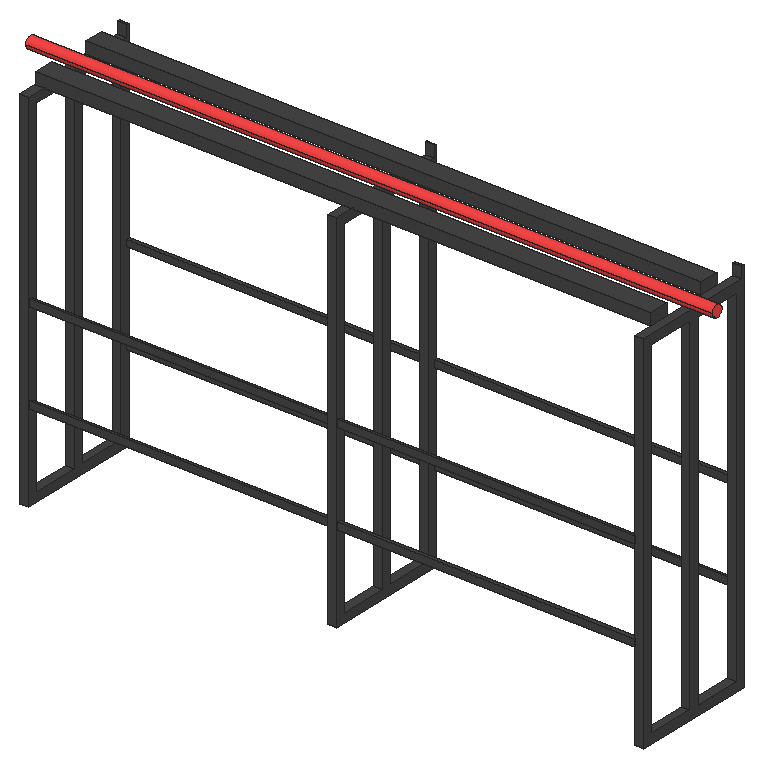
Revit family "Batería de cilindros con pesaje continuo de 67l en doble fila CO2_Aguilera Extincion", category Equipos especializados, Revit 2017
Family settings
  Anfitrión = Suelo
  Cota de conector redondo = Radio de uso
  Tipo de pieza = Normal
  Número OmniClass = 23.65.20.14.24
  Título OmniClass = Other Gas Storage Vessels
  Siempre vertical = Sí
  Corte con vacíos al cargar = No
  Compartido = Sí
  Punto de cálculo de habitación = No
Parameters (values of type "Batería 20 cilindros CO2 con pesaje continuo - 67 l")
  URL = "https://aguilera.es/?productos=baterias-con-botellas-en-doble-fila-y-pesaje-continuo-co2"
  Símbolo texto = yes
  Símbolo = yes
  Radio colector = Diámetro colector / 2  # 31.75 mm
  R = Diámetro / 2  # 133.5 mm
  Número soportes = 3
  Número de cilindros pares = 10
  Número de cilindros impares = 10
  Modelo = "AEX/SBP2067D"
  Lt = 3850 mm
  Lh = 3450 mm
  Lcc = Lh / (Número soportes - 1)  # 1725 mm
  Lc = 340 mm  # constant formula
  Ht = Hc + Diámetro colector  # 2120.5 mm
  Hd = 1770 mm
  H2 = Hc / 2  # 1028.5 mm
  H1 = Hc / 4  # 514.25 mm
  Fabricante = "Aguilera Extinción"  # constant formula
  Diámetro colector = 63.5 mm
  Descripción = "Batería de alta presión formada por cilindros de 67L de capacidad cada uno. Fabricados en acero tratado térmicamente, sin soldadura (según instrucción MIE AP7 de aparatos a presión y Directiva Europea 84/525/CEE). Presión de trabajo 42 bar. Presión de prueba 250 bar, temperatura de servicio de -20ºC a +50ºC. Grabados y pintados en color rojo (RAL 3002). Equipados con válvula principal con apertura neumática a través del cabezal, válvulas antirretorno, latiguillos para el accionamiento neumático de disparo y latiguillos de descarga. Ensamblados en bastidor metálico especial para pesaje continuo, colector de descarga con brida de acoplamiento a la instalación y válvula de descompresión.\r\n\r\nEl peso de cada cilindro se controla individualmente por un equipo analógico patentado Mod. AEX/CPC. Unidad programable que detecta la perdida de peso desde 200 gramos formada básicamente por: célula electrónica, microprocesador y display digital que refleja el peso permanentemente. Se suministra con tensor, que permite elevar la botella fácilmente, conectores con latiguillos montados para su conexión y resto de complementos."  # constant formula
  Diámetro = 267 mm
  Hc = 2057 mm  # constant formula
  Comentarios de tipo = "Observaciones:\r\n\r\nA. Hasta 9 cilindros, el disparo neumático de la batería se realiza convirtiéndo a uno de los cilindros en cilindro piloto, para lo cual, se dota a su válvula con solenoide de disparo automático y palanca para el disparo manual.\r\nB. A partir de 10 cilindros, las baterías van equipadas con un botellín piloto de disparo que está formado por: un cilindro de 5L cargado con CO2, provisto con sistema de pesaje continuo, válvula principal de 1”, solenoide a 24V para el disparo automático y palanca para el disparo manual.\r\nC. El importe de los sistemas de disparo, descritos en el punto A y B, han sido incluidos en los precios de las baterías"  # constant formula
  Cilindro = Cilindro autonomo CO2 con pesaje continuo_Aguilera Extincion : Cilindro autónomo CO2 con pesaje continuo - 67 l
Types (18, lengths in mm): name | Radio colector | Número soportes | Número de cilindros pares | Número de cilindros impares | Modelo | Lt | Lh | Lcc | Ht | Diámetro colector
  (no name) | 31.75 | 3 | 10 | 10 | "AEX/SBP2067D" | 3850 | 3450 | 1725 | 2120.5 | 63.5
  Batería 4 cilindros CO2 con pesaje continuo - 67 l | 15.9 | 2 | 2 | 2 | "AEX/SBP467D" | 1069 | 730 | 730 | 2088.8 | 31.8
  Batería 5 cilindros CO2 con pesaje continuo - 67 l | 15.9 | 2 | 2 | 3 | "AEX/SBP567D" | 1409 | 1070 | 1070 | 2088.8 | 31.8
  Batería 6 cilindros CO2 con pesaje continuo - 67 l | 15.9 | 2 | 3 | 3 | "AEX/SBP667D" | 1409 | 1070 | 1070 | 2088.8 | 31.8
  Batería 7 cilindros CO2 con pesaje continuo - 67 l | 19.05 | 2 | 3 | 4 | "AEX/SBP767D" | 1749 | 1410 | 1410 | 2095.1 | 38.1
  Batería 8 cilindros CO2 con pesaje continuo - 67 l | 19.05 | 2 | 4 | 4 | "AEX/SBP867D" | 1749 | 1410 | 1410 | 2095.1 | 38.1
  Batería 9 cilindros CO2 con pesaje continuo - 67 l | 25.4 | 2 | 4 | 5 | "AEX/SBP967D" | 2089 | 1750 | 1750 | 2107.8 | 50.8
  Batería 10 cilindros CO2 con pesaje continuo - 67 l | 25.4 | 2 | 5 | 5 | "AEX/SBP1067D" | 2089 | 1750 | 1750 | 2107.8 | 50.8
  Batería 11 cilindros CO2 con pesaje continuo - 67 l | 25.4 | 2 | 5 | 6 | "AEX/SBP1167D" | 2429 | 2090 | 2090 | 2107.8 | 50.8
  Batería 12 cilindros CO2 con pesaje continuo - 67 l | 25.4 | 2 | 6 | 6 | "AEX/SBP1267D" | 2429 | 2090 | 2090 | 2107.8 | 50.8
  Batería 13 cilindros CO2 con pesaje continuo - 67 l | 25.4 | 3 | 6 | 7 | "AEX/SBP1367D" | 2830 | 2430 | 1215 | 2107.8 | 50.8
  Batería 14 cilindros CO2 con pesaje continuo - 67 l | 31.75 | 2 | 7 | 7 | "AEX/SBP1467D" | 2830 | 2430 | 2430 | 2120.5 | 63.5
  Batería 15 cilindros CO2 con pesaje continuo - 67 l | 31.75 | 3 | 7 | 8 | "AEX/SBP1567D" | 3170 | 2770 | 1385 | 2120.5 | 63.5
  Batería 16 cilindros CO2 con pesaje continuo - 67 l | 31.75 | 3 | 8 | 8 | "AEX/SBP1667D" | 3170 | 2770 | 1385 | 2120.5 | 63.5
  Batería 17 cilindros CO2 con pesaje continuo - 67 l | 31.75 | 4 | 8 | 9 | "AEX/SBP1767D" | 3510 | 3100 | 1033.333 | 2120.5 | 63.5
  Batería 18 cilindros CO2 con pesaje continuo - 67 l | 31.75 | 4 | 9 | 9 | "AEX/SBP1867D" | 3510 | 3100 | 1033.333 | 2120.5 | 63.5
  Batería 19 cilindros CO2 con pesaje continuo - 67 l | 31.75 | 3 | 9 | 10 | "AEX/SBP1967D" | 3850 | 3450 | 1725 | 2120.5 | 63.5
  Batería 20 cilindros CO2 con pesaje continuo - 67 l | 31.75 | 3 | 10 | 10 | "AEX/SBP2067D" | 3850 | 3450 | 1725 | 2120.5 | 63.5
Reference planes
  plane 1 "Centro (Frontal/Posterior)": y = 0
  plane 2: z = 0
  plane 3 "Centro (Izquierda/Derecha)": x = 0
  plane 4: y = 133.5
  plane 5: z = 514.25
  plane 6: z = 1028.5
  plane 7: z = 1565
  plane 8: z = 1703.58
  plane 9: z = 1770
  plane 10: z = 2057
  plane 11: x = -154
  plane 12: z = 2120.5
  plane 13: x = -600
  plane 14: x = 3250
  plane 15: y = 153.5
  plane 16: x = -380
  plane 17: y = 40.5
  plane 18: z = 2100.5
  plane 19: y = -198.5
  plane 20: y = -183
Forms (mm)
  Extrusion 1, solid, material "Acero rojo"
    sketch origin (0, 0, 0) x (0, 1, 0) y (0, 0, 1)
      loop
        circle (-183, 2088.75) r 31.75
    from -600 to 3250
  Extrusion 2, solid, material "Acero negro", detail levels medium+fine
    sketch origin (-380, -6000, 2490.948) x (0, 0, 1) y (0, -1, 0)
      loop
        line (-433.948, -5579.64) -> (-433.948, -5691.36) -> (-370.448, -5691.36) -> (-370.448, -5579.64) -> (-433.948, -5579.64)
      loop
        line (-433.948, -5931.64) -> (-433.948, -6043.36) -> (-370.448, -6043.36) -> (-370.448, -5931.64) -> (-433.948, -5931.64)
      loop
        line (-1482.333, -5469) -> (-1482.333, -5484) -> (-1442.563, -5484) -> (-1442.563, -5469) -> (-1482.333, -5469)
      loop
        line (-1996.583, -5469) -> (-1996.583, -5484) -> (-1956.813, -5484) -> (-1956.813, -5469) -> (-1996.583, -5469)
      loop
        line (-1482.333, -6166) -> (-1442.563, -6166) -> (-1442.563, -6151) -> (-1482.333, -6151) -> (-1482.333, -6166)
      loop
        line (-1996.583, -6166) -> (-1956.813, -6166) -> (-1956.813, -6151) -> (-1996.583, -6151) -> (-1996.583, -6166)
    from 0 to 3450 <- "Lh"
Dimensions and locks
  "H1": plane 5 to plane 2
  "H2": plane 6 to plane 2
  "Hd": plane 9 to plane 2
  "Hc": plane 10 to plane 2
  locked: plane 11 to plane 3 "Centro (Izquierda/Derecha)" at 154
  locked: plane 9 to plane 8 at 66.42
  locked: plane 9 to plane 7 at 205
  "R": plane 1 "Centro (Frontal/Posterior)" to plane 4
  "Lt": plane 14 to plane 13
  "Ht": plane 12 to plane 2
  locked: plane 12 to plane 18 at 20
  "Ht": Extrusion 1 sketch curve to plane 2
  equal spacing: group 1, group 2, group 7, group 8, group 9, group 12, group 13, group 14, group 15, group 16  (x3)
  equal spacing: group 3, group 4, group 17  (x3)
  "Lcc": nested 3 to nested 4
  equal spacing: group 5, group 6, group 10, group 11, group 18, group 19, group 20, group 21, group 22, group 23  (x3)
  nested 5 to plane 13 = 446 mm
  Extrusion 2 sketch curve to Extrusion 2 sketch curve = 111.72 mm  (x2)
  locked: Extrusion 2 sketch curve to Extrusion 2 sketch curve at 111.72  (x2)
  equal spacing: Extrusion 2 sketch curve, plane 6, Extrusion 2 sketch curve  (x2)
  Extrusion 2 sketch curve to Extrusion 2 sketch curve = 39.77 mm  (x4)
  Extrusion 2 sketch curve to Extrusion 2 sketch curve = 15 mm
  equal spacing: Extrusion 2 sketch curve, plane 5, Extrusion 2 sketch curve  (x2)
  locked: Extrusion 2 sketch curve to Extrusion 2 sketch curve at 15  (x2)
  "Radio colector": radius of Extrusion 1 sketch curve
  aligned and locked: level to plane 2
  aligned and locked: Extrusion 1 to plane 13
  aligned and locked: plane 14 to Extrusion 1
  aligned and locked: Extrusion 2 sketch curve to plane 10  (x2)
  aligned and locked: plane 12 to Extrusion 2 sketch curve  (x2)
  aligned and locked: nested 3 to Extrusion 2 sketch curve  (x3)
Automatic sketch dimensions
  plane 6 to Extrusion 2 sketch curve = 19.885 mm
  plane 5 to Extrusion 2 sketch curve = 19.885 mm
  Extrusion 2 sketch curve to plane 19 = 317.5 mm
  Extrusion 2 sketch curve to plane 5 = 19.885 mm
  Extrusion 2 sketch curve to plane 6 = 19.885 mm
  Extrusion 2 sketch curve to plane 15 = 2.5 mm
  plane 17 to Extrusion 2 sketch curve = 2.86 mm
  Extrusion 2 sketch curve to plane 19 = 110.14 mm
  Extrusion 1 sketch curve to plane 20 = 0 mm
Nested families
  nested 1: "Cilindro autonomo CO2 con pesaje continuo_Aguilera Extincion" at (-154, -12.5, 0), type <- "Cilindro", type "Cilindro autónomo CO2 con pesaje continuo - 67 l", not visible
  nested 2: "Cilindro autonomo CO2 con pesaje continuo_Aguilera Extincion" at (186, -12.5, 0), type <- "Cilindro", type "Cilindro autónomo CO2 con pesaje continuo - 67 l", not visible
  nested 3: "Soporte doble - pesaje" at (0, 166, 0), type "Soporte doble - pesaje"
    with L1 697 mm
  nested 4: "Soporte doble - pesaje" at (1725, 166, 0), type "Soporte doble - pesaje"
    with L1 697 mm
  nested 5: "Cilindro autonomo CO2 con pesaje continuo_Aguilera Extincion" at (-154, -364.5, 0), type <- "Cilindro", type "Cilindro autónomo CO2 con pesaje continuo - 67 l", not visible
  nested 6: "Cilindro autonomo CO2 con pesaje continuo_Aguilera Extincion" at (186, -364.5, 0), type <- "Cilindro", type "Cilindro autónomo CO2 con pesaje continuo - 67 l", not visible
  nested 7: "S_Cilindros_Aguilera Extinción" at (1226.5, -135.5, 0), visible <- "Símbolo", type "S_Cilindros_Aguilera Extinción", detail levels coarse
  nested 8: "Cilindro autonomo CO2 con pesaje continuo_Aguilera Extincion" at (526, -12.5, 0), type <- "Cilindro", type "Cilindro autónomo CO2 con pesaje continuo - 67 l", not visible
  nested 9: "Cilindro autonomo CO2 con pesaje continuo_Aguilera Extincion" at (866, -12.5, 0), type <- "Cilindro", type "Cilindro autónomo CO2 con pesaje continuo - 67 l", not visible
  nested 10: "Cilindro autonomo CO2 con pesaje continuo_Aguilera Extincion" at (1206, -12.5, 0), type <- "Cilindro", type "Cilindro autónomo CO2 con pesaje continuo - 67 l", not visible
  nested 11: "Cilindro autonomo CO2 con pesaje continuo_Aguilera Extincion" at (526, -364.5, 0), type <- "Cilindro", type "Cilindro autónomo CO2 con pesaje continuo - 67 l", not visible
  nested 12: "Cilindro autonomo CO2 con pesaje continuo_Aguilera Extincion" at (866, -364.5, 0), type <- "Cilindro", type "Cilindro autónomo CO2 con pesaje continuo - 67 l", not visible
  nested 13: "Cilindro autonomo CO2 con pesaje continuo_Aguilera Extincion" at (1546, -12.5, 0), type <- "Cilindro", type "Cilindro autónomo CO2 con pesaje continuo - 67 l", not visible
  nested 14: "Cilindro autonomo CO2 con pesaje continuo_Aguilera Extincion" at (1886, -12.5, 0), type <- "Cilindro", type "Cilindro autónomo CO2 con pesaje continuo - 67 l", not visible
  nested 15: "Cilindro autonomo CO2 con pesaje continuo_Aguilera Extincion" at (2226, -12.5, 0), type <- "Cilindro", type "Cilindro autónomo CO2 con pesaje continuo - 67 l", not visible
  nested 16: "Cilindro autonomo CO2 con pesaje continuo_Aguilera Extincion" at (2566, -12.5, 0), type <- "Cilindro", type "Cilindro autónomo CO2 con pesaje continuo - 67 l", not visible
  nested 17: "Cilindro autonomo CO2 con pesaje continuo_Aguilera Extincion" at (2906, -12.5, 0), type <- "Cilindro", type "Cilindro autónomo CO2 con pesaje continuo - 67 l", not visible
  nested 18: "Soporte doble - pesaje" at (3450, 166, 0), type "Soporte doble - pesaje"
    with L1 697 mm
  nested 19: "Cilindro autonomo CO2 con pesaje continuo_Aguilera Extincion" at (1206, -364.5, 0), type <- "Cilindro", type "Cilindro autónomo CO2 con pesaje continuo - 67 l", not visible
  nested 20: "Cilindro autonomo CO2 con pesaje continuo_Aguilera Extincion" at (1546, -364.5, 0), type <- "Cilindro", type "Cilindro autónomo CO2 con pesaje continuo - 67 l", not visible
  nested 21: "Cilindro autonomo CO2 con pesaje continuo_Aguilera Extincion" at (1886, -364.5, 0), type <- "Cilindro", type "Cilindro autónomo CO2 con pesaje continuo - 67 l", not visible
  nested 22: "Cilindro autonomo CO2 con pesaje continuo_Aguilera Extincion" at (2226, -364.5, 0), type <- "Cilindro", type "Cilindro autónomo CO2 con pesaje continuo - 67 l", not visible
  nested 23: "Cilindro autonomo CO2 con pesaje continuo_Aguilera Extincion" at (2566, -364.5, 0), type <- "Cilindro", type "Cilindro autónomo CO2 con pesaje continuo - 67 l", not visible
  nested 24: "Cilindro autonomo CO2 con pesaje continuo_Aguilera Extincion" at (2906, -364.5, 0), type <- "Cilindro", type "Cilindro autónomo CO2 con pesaje continuo - 67 l", not visible
Connectors
  piping at (-600, -183, 2088.75), diameter 63.5, driven by "Radio colector"
    settings: on Extrusion 1, index 1, connector inside diameter 609.6 mm, connector length 0 mm, flow factor 0, pipe flow 0.0 L/s, pressure drop 0.0 Pa, fitting loss kfactor 0, connector angle 0.00°, fixture units 0, engagement length 0 mm, angle of deflection 0.00°, flow configuration 0, flow direction 0, fitting loss method 0, system type 28, joint type 0, gender type 0, connector reference index -1, connector utility 0, adjustable connector no, is connector primary yes, connector description ""
  piping at (3250, -183, 2088.75), diameter 63.5, driven by "Radio colector"
    settings: on Extrusion 1, index 2, connector inside diameter 609.6 mm, connector length 0 mm, flow factor 0, pipe flow 0.0 L/s, pressure drop 0.0 Pa, fitting loss kfactor 0, connector angle 0.00°, fixture units 0, engagement length 0 mm, angle of deflection 0.00°, flow configuration 0, flow direction 0, fitting loss method 0, system type 28, joint type 0, gender type 0, connector reference index -1, connector utility 0, adjustable connector no, is connector primary no, connector description ""
  piping at (-600, -183, 2088.75), diameter 63.5, driven by "Radio colector"
    settings: on Extrusion 1, index 3, connector inside diameter 609.6 mm, connector length 0 mm, flow factor 0, pipe flow 0.0 L/s, pressure drop 0.0 Pa, fitting loss kfactor 0, connector angle 0.00°, fixture units 0, engagement length 0 mm, angle of deflection 0.00°, flow configuration 0, flow direction 0, fitting loss method 0, system type 28, joint type 0, gender type 0, connector reference index -1, connector utility 0, adjustable connector no, is connector primary no, connector description ""
Definition of nested family "Cilindro autonomo CO2 con pesaje continuo_Aguilera Extincion"
  Parameters (values of type "Cilindro autónomo CO2 con pesaje continuo - 80 l")
    URL = "https://aguilera.es/?productos=botellas-autonomas-de-4-7-a-80-l-con-pesaje-continuo-para-co2"
    Símbolo texto = yes
    Símbolo = yes
    R3 = R2 * 0.2  # 21.9 mm
    R2 = R * 0.75  # 109.5 mm
    R = Diámetro / 2  # 146 mm
    Model = "AEX/SBP180"
    L2 = 440 mm
    L1 = Diámetro * 1.75  # 511 mm
    Ht = 2337 mm
    Soporte individual = yes
    Hd = 1777 mm
    Hc2 = Hb / 2  # 913.5 mm
    Hc1 = Hb / 4  # 456.75 mm
    Ht1 = Ht - 40 mm  # 2297 mm
    Manufacturer = "Aguilera Extinción"  # constant formula
    Description = "Cilindro de alta presión, fabricado en acero aleado tratado térmicamente sin soldadura, (según instrucción MIE AP7 de aparatos a presión y Directiva Europea 84/525/CEE). Presión de trabajo 60 bar, presión de prueba 250 bar, temperatura de servicio de -20ºC a +50ºC. Grabados y pintados según normativa."  # constant formula
    Diámetro = 292 mm
    Hb = 1827 mm
    D2 = Diámetro + 70 mm  # 362 mm
    Type Comments = "Equipados con:\r\n\r\nVálvula principal AE-100 de 1” fabricada en latón forjado con pistón y eje de acero inoxidable. Provista con disco de seguridad y válvula de alivio para evitar el disparo en caso de pequeñas fugas.\r\nTubo sifón.\r\nSolenoide de disparo (alimentación 24V y 500mA de consumo)\r\nBrida.\r\nCaperuzo protector.\r\nEquipo microprocesado de pesaje continuo, donde el peso de cada cilindro se controla individualmente por un equipo analógico Mod. AEX/CPC. Unidad programable que detecta la perdida de peso desde 200 gramos formada básicamente por célula electrónica, microprocesador y display digital que refleja el peso permanentemente. Se suministra con tensor, que permite elevar la botella fácilmente, conectores con latiguillos montados para su conexión y resto de complementos.\r\nEnsamblados en bastidor metálico especial para pesaje continuo y colector de descarga con rosca de acoplamiento a la instalación.\r\nObservaciones:\r\n\r\nCada cilindro dispone de los correspondientes certificados emitidos por la Consejería de Industria y se encuentra a disposición de los clientes en nuestros archivos."  # constant formula
  Types (5, lengths in mm): name | R3 | R2 | R | Model | L2 | L1 | Ht | Soporte individual | Hd | Hc2 | Hc1 | Ht1 | Diámetro | Hb | D2
    Cilindro autónomo CO2 con pesaje continuo - 6.7 l | 9.75 | 48.75 | 65 | "AEX/SBP16" | 410 | 227.5 | 1117 | no | 700 | 375 | 187.5 | 1077 | 130 | 750 | 200
    Cilindro autónomo CO2 con pesaje continuo - 13.4 l | 14.85 | 74.25 | 99 | "AEX/SBP113" | 410 | 346.5 | 1637 | no | 1100 | 575 | 287.5 | 1597 | 198 | 1150 | 268
    Cilindro autónomo CO2 con pesaje continuo - 26.8 l | 19.125 | 95.625 | 127.5 | "AEX/SBP126" | 410 | 446.25 | 1407 | no | 1000 | 525 | 262.5 | 1367 | 255 | 1050 | 325
    Cilindro autónomo CO2 con pesaje continuo - 67 l | 21.9 | 109.5 | 146 | "AEX/SBP167" | 440 | 511 | 2057 | no | 1600 | 825 | 412.5 | 2017 | 292 | 1650 | 362
    Cilindro autónomo CO2 con pesaje continuo - 80 l | 21.9 | 109.5 | 146 | "AEX/SBP180" | 440 | 511 | 2337 | yes | 1777 | 913.5 | 456.75 | 2297 | 292 | 1827 | 362
  Reference planes
    plane 1 "Centro (Frontal/Posterior)": y = 0
    plane 2: z = 0
    plane 3 "Centro (Izquierda/Derecha)": x = 0
    plane 4: z = 456.75
    plane 5: z = 913.5
    plane 6: z = 1572
    plane 7: z = 1710.58
    plane 8: z = 1777
    plane 9: z = 1827
    plane 10: x = -146
    plane 11: x = 146
    plane 12: z = 2337
    plane 13: x = -220
    plane 14: x = 220
    plane 15: z = 2297
    plane 16: y = -166
    plane 17: y = -181
    plane 18: z = 933.5
    plane 19: z = 893.5
    plane 20: z = 476.75
    plane 21: z = 436.75
    plane 22: y = -141
    plane 23: x = 200
    plane 24: x = -200
    plane 25: y = 166
    plane 26: y = 181
  Forms (mm)
    Extrusion 1, solid
      sketch origin (0, 0, 0) x (1, 0, 0) y (0, 1, 0)
        loop
          circle (0, 0) r 146
      from 0 to 1572
    Extrusion 2, solid
      sketch origin (-745.59, -6000, 1710.58) x (-1, 0, 0) y (0, -1, 0)
        loop
          circle (-745.59, -6000) r 21.9
      from 0 to 116.42
    Extrusion 3, solid, detail levels fine
      sketch origin (-8.75, 0, 0) x (0, 1, 0) y (0, 0, 1)
        loop
          line (13.01, 1799.534) -> (-13.01, 1799.534) -> (-26.02, 1777) -> (-13.01, 1754.466) -> (13.01, 1754.466) -> (26.02, 1777) -> (13.01, 1799.534)
      from -76.574 to -90.75
    Extrusion 4, solid, detail levels fine
      sketch origin (-99.5, 0, 0) x (0, -1, 0) y (0, 0, 1)
        loop
          circle (0, 1777) r 21.9
      from -99.5 to -14.176
    Revolve 5, solid
      sketch origin (0, 0, 0) x (1, 0, 0) y (0, 0, 1)
        loop
          line (-146, 1572) -> (0, 1572) -> (0, 1710.58) -> (-40, 1710.58)
          arc (-40, 1710.58) -> (-112.105, 1655.903) -> (-146, 1572) r 170.221
        axis (0, 1710.58) -> (0, 1572)
      angle from 0 to 360
    Extrusion 6, solid, detail levels fine
      sketch origin (-745.59, -6000, 1827) x (-1, 0, 0) y (0, -1, 0)
        loop
          line (-731.103, -6024.486) -> (-717.13, -5999.716) -> (-731.594, -5975.23) -> (-760.032, -5975.514) -> (-773.633, -5999.624) -> (-759.279, -6024.486) -> (-731.103, -6024.486)
      from 0 to 20
    Extrusion 7, solid, detail levels fine
      sketch origin (-745.59, -6000, 1710.58) x (-1, 0, 0) y (0, -1, 0)
        loop
          circle (-745.59, -5998.341) r 109.5
      from 0 to 10
    Extrusion 8, solid, visible <- "Soporte individual", detail levels medium+fine
      sketch origin (-220, -6000, 1804.934) x (0, 0, 1) y (0, -1, 0)
        loop
          line (492.066, -5964) -> (492.066, -6036) -> (532.066, -6036) -> (532.066, -5964) -> (492.066, -5964)
      from 0 to 440
    Extrusion 9, solid, visible <- "Soporte individual", detail levels medium+fine
      sketch origin (-220, 6000, 1804.934) x (0, 0, 1) y (0, -1, 0)
        loop
          line (-911.434, 6166) -> (-871.434, 6166) -> (-871.434, 6181) -> (-911.434, 6181) -> (-911.434, 6166)
      from 20 to 420
    Extrusion 10, solid, visible <- "Soporte individual", detail levels medium+fine
      sketch origin (-220, 6000, 1348.184) x (0, 0, 1) y (0, -1, 0)
        loop
          line (-911.434, 6166) -> (-871.434, 6166) -> (-871.434, 6181) -> (-911.434, 6181) -> (-911.434, 6166)
      from 20 to 420
    Extrusion 11, solid, visible <- "Soporte individual", detail levels medium+fine
      sketch origin (-220, 6185, 1804.934) x (0, 0, 1) y (0, -1, 0)
        loop
          line (-911.434, 6004) -> (-871.434, 6004) -> (-871.434, 6019) -> (-911.434, 6019) -> (-911.434, 6004)
      from 20 to 420
    Extrusion 12, solid, visible <- "Soporte individual", detail levels medium+fine
      sketch origin (-220, 6185, 1348.184) x (0, 0, 1) y (0, -1, 0)
        loop
          line (-911.434, 6004) -> (-871.434, 6004) -> (-871.434, 6019) -> (-911.434, 6019) -> (-911.434, 6004)
      from 20 to 420
    Extrusion 13, solid, detail levels fine
      sketch origin (0, 0, 0) x (1, 0, 0) y (0, 0, 1)
        loop
          line (-109.5, 1710.58) -> (-99.5, 1710.58) -> (-99.5, 1896.44) -> (0, 1995.94) -> (99.5, 1896.44) -> (99.5, 1710.58) -> (109.5, 1710.58) -> (109.5, 1900.598) -> (0, 2010.089) -> (-109.5, 1900.58) -> (-109.5, 1710.58)
      from -10 to 10
    Revolve 14, solid, detail levels fine
      sketch origin (0, 0, 0) x (1, 0, 0) y (0, 0, 1)
        loop
          line (-0.458, 1847) -> (-0.458, 2151.932) -> (-22.358, 2151.932) -> (-22.358, 1847) -> (-0.458, 1847)
        axis (0, 1847) -> (0, 2151.932)
      angle from 0 to 360
    Extrusion 15, solid, detail levels fine
      sketch origin (0, 0, 0) x (1, 0, 0) y (0, 0, 1)
        loop
          line (-22.358, 2151.932) -> (22.358, 2151.932) -> (50.643, 2180.216) -> (50.643, 2270.216)
          arc (50.643, 2270.216) -> (0, 2284.288) -> (-50.643, 2270.216) r 98.162
          line (-50.643, 2270.216) -> (-50.643, 2180.216) -> (-22.358, 2151.932)
      from -50 to 50
    Revolve 16, solid, detail levels fine
      sketch origin (0, 0, 0) x (1, 0, 0) y (0, 0, 1)
        loop
          line (0, 2212.562) -> (0, 2443) -> (-10, 2443) -> (-10, 2212.562) -> (0, 2212.562)
        axis (0, 2212.562) -> (0, 2443)
      angle from 0 to 360
  Lines and regions (mm)
    symbolic lines
      curve 1: line (0, 240, 0) -> (0, 247, 0)
      curve 2: line (-25, 287, 0) -> (25, 287, 0)
      curve 3: circle (0, 287, 0) r 15 normal (0, 0, 1)
  Dimensions and locks
    "Hc1": plane 4 to plane 2
    "Hc2": plane 5 to plane 2
    "Hd": plane 8 to plane 2
    "Hb": plane 9 to plane 2
    equal spacing: plane 10, plane 3 "Centro (Izquierda/Derecha)", plane 11
    "Diámetro": plane 10 to plane 11
    locked: plane 8 to plane 7 at 66.42
    locked: plane 8 to plane 6 at 205
    "Ht": plane 12 to plane 2
    equal spacing: plane 14, plane 3 "Centro (Izquierda/Derecha)", plane 13
    "L2": plane 14 to plane 13
    locked: plane 12 to plane 15 at 40
    locked: plane 17 to plane 16 at 15
    equal spacing: Extrusion 8 sketch curve, plane 1 "Centro (Frontal/Posterior)", Extrusion 8 sketch curve
    equal spacing: plane 18, plane 5, plane 19
    equal spacing: plane 20, plane 4, plane 21
    locked: plane 18 to plane 19 at 40
    locked: plane 20 to plane 21 at 40
    locked: plane 17 to plane 22 at 40
    locked: plane 23 to plane 14 at 20
    locked: plane 13 to plane 24 at 20
    locked: plane 26 to plane 25 at 15
    "D2": plane 26 to plane 17
    equal spacing: plane 26, plane 1 "Centro (Frontal/Posterior)", plane 17
    Extrusion 8 sketch curve to Extrusion 8 sketch curve = 72 mm
    locked: Extrusion 13 sketch curve to Extrusion 13 sketch curve at 10  (x2)
    "R2": Extrusion 13 sketch curve to plane 3 "Centro (Izquierda/Derecha)"
    "R3": Revolve 14 sketch curve to Revolve 14 sketch curve
    locked: Revolve 16 sketch curve to Extrusion 8 at 106
    "Diámetro": diameter of Extrusion 1 sketch curve
    "R2": radius of Extrusion 7 sketch curve
    "R3": radius of Extrusion 2 sketch curve
    "R3": radius of Extrusion 4 sketch curve
    aligned and locked: level to plane 2
    aligned and locked: plane 6 to Extrusion 1
    aligned and locked: plane 9 to Extrusion 2
    aligned and locked: Extrusion 2 to plane 7
    aligned and locked: plane 3 "Centro (Izquierda/Derecha)" to Extrusion 4
    aligned and locked: Revolve 5 sketch curve to plane 3 "Centro (Izquierda/Derecha)"  (x2)
    aligned and locked: Revolve 5 sketch curve to plane 6
    aligned and locked: plane 7 to Revolve 5 sketch curve
    aligned and locked: Extrusion 8 sketch curve to plane 15
    aligned and locked: plane 12 to Extrusion 8 sketch curve
    aligned and locked: plane 14 to Extrusion 8
    aligned and locked: plane 18 to Extrusion 9
    aligned and locked: plane 19 to Extrusion 9
    aligned and locked: plane 23 to nested 3
    aligned and locked: nested 3 to Extrusion 9
    aligned and locked: Extrusion 9 to Extrusion 10
    aligned and locked: plane 13 to nested 2
    aligned and locked: plane 23 to Extrusion 9
    aligned and locked: Extrusion 9 to nested 2
    aligned and locked: Extrusion 10 to Extrusion 9
    aligned and locked: Extrusion 10 to nested 2
    aligned and locked: Extrusion 11 to Extrusion 12
    aligned and locked: Extrusion 12 to Extrusion 11
    aligned and locked: Extrusion 11 to nested 2
    aligned and locked: Extrusion 11 to plane 25
    aligned and locked: plane 26 to Extrusion 11
    aligned and locked: Extrusion 9 to Extrusion 11
    aligned and locked: Extrusion 12 to nested 2
    aligned and locked: Extrusion 12 to plane 25
    aligned and locked: plane 26 to Extrusion 12
    aligned and locked: nested 3 to Extrusion 12
    aligned and locked: Extrusion 13 sketch curve to Extrusion 7
    aligned and locked: Extrusion 13 sketch curve to plane 7
    aligned and locked: plane 7 to Extrusion 13 sketch curve
    aligned and locked: Extrusion 6 to Revolve 14 sketch curve
    aligned and locked: plane 3 "Centro (Izquierda/Derecha)" to Revolve 14 sketch curve
    aligned and locked: Extrusion 3 to Extrusion 13
    aligned and locked: Extrusion 3 to Extrusion 4
    aligned and locked: Extrusion 15 sketch curve to Revolve 14
    aligned and locked: Revolve 16 sketch curve to plane 3 "Centro (Izquierda/Derecha)"
    aligned and locked: plane 3 "Centro (Izquierda/Derecha)" to Revolve 16 sketch curve
  Automatic sketch dimensions
    Extrusion 3 sketch curve to plane 8 = 0 mm  (x2)
    plane 1 "Centro (Frontal/Posterior)" to Extrusion 3 sketch curve = 26.02 mm
    plane 1 "Centro (Frontal/Posterior)" to Extrusion 3 sketch curve = 13.01 mm  (x2)
    Extrusion 3 sketch curve to plane 1 "Centro (Frontal/Posterior)" = 13.01 mm  (x2)
    Extrusion 3 sketch curve to Extrusion 3 sketch curve = 13.01 mm
    Extrusion 3 sketch curve to plane 8 = 22.534 mm
    plane 8 to Extrusion 3 sketch curve = 22.534 mm
    Extrusion 10 sketch curve to plane 17 = 0 mm
    plane 21 to Extrusion 10 sketch curve = 0 mm
    Extrusion 10 sketch curve to plane 16 = 0 mm
    Extrusion 10 sketch curve to plane 20 = 0 mm
    curve 1 to plane 3 "Centro (Izquierda/Derecha)" = 0 mm
    curve 3 to plane 3 "Centro (Izquierda/Derecha)" = 0 mm
    plane 26 to curve 3 = 106 mm
    curve 2 to plane 3 "Centro (Izquierda/Derecha)" = 25 mm
    plane 3 "Centro (Izquierda/Derecha)" to curve 2 = 25 mm
    curve 3 to curve 2 = 0 mm
    curve 1 to curve 3 = 40 mm
    curve 1 to curve 1 = 7 mm
    plane 1 "Centro (Frontal/Posterior)" to Extrusion 6 sketch curve = 0.376 mm
    plane 3 "Centro (Izquierda/Derecha)" to Extrusion 6 sketch curve = 28.043 mm
    plane 3 "Centro (Izquierda/Derecha)" to Extrusion 6 sketch curve = 14.443 mm
    plane 3 "Centro (Izquierda/Derecha)" to Extrusion 6 sketch curve = 13.689 mm
    Extrusion 6 sketch curve to plane 3 "Centro (Izquierda/Derecha)" = 13.995 mm
    Extrusion 6 sketch curve to plane 3 "Centro (Izquierda/Derecha)" = 14.487 mm
    plane 1 "Centro (Frontal/Posterior)" to Extrusion 6 sketch curve = 0.284 mm
    Extrusion 6 sketch curve to Extrusion 6 sketch curve = 13.973 mm
    Extrusion 6 sketch curve to plane 1 "Centro (Frontal/Posterior)" = 24.486 mm
    plane 1 "Centro (Frontal/Posterior)" to Extrusion 6 sketch curve = 24.486 mm
    plane 1 "Centro (Frontal/Posterior)" to Extrusion 6 sketch curve = 24.77 mm
    Extrusion 9 sketch curve to plane 17 = 0 mm
    plane 19 to Extrusion 9 sketch curve = 0 mm
    Extrusion 9 sketch curve to plane 16 = 0 mm
    Extrusion 9 sketch curve to plane 18 = 0 mm
    plane 19 to Extrusion 11 sketch curve = 0 mm
    Extrusion 11 sketch curve to plane 18 = 0 mm
    Extrusion 11 sketch curve to plane 26 = 0 mm
    Extrusion 11 sketch curve to plane 25 = 0 mm
    plane 21 to Extrusion 12 sketch curve = 0 mm
    Extrusion 12 sketch curve to plane 20 = 0 mm
    Extrusion 12 sketch curve to plane 26 = 0 mm
    Extrusion 12 sketch curve to plane 25 = 0 mm
    Extrusion 15 sketch curve to plane 3 "Centro (Izquierda/Derecha)" = 0 mm
    Extrusion 15 sketch curve to plane 3 "Centro (Izquierda/Derecha)" = 22.358 mm
    Extrusion 15 sketch curve to Extrusion 15 sketch curve = 28.284 mm  (x4)
    plane 3 "Centro (Izquierda/Derecha)" to Extrusion 15 sketch curve = 22.358 mm
    Extrusion 15 sketch curve to Extrusion 15 sketch curve = 34.194 mm
    Extrusion 15 sketch curve to Extrusion 15 sketch curve = 90 mm
    Revolve 16 sketch curve to plane 3 "Centro (Izquierda/Derecha)" = 10 mm
    Revolve 16 sketch curve to plane 15 = 84.438 mm
    Revolve 16 sketch curve to Revolve 16 sketch curve = 78.622 mm
    Revolve 16 sketch curve to Revolve 16 sketch curve = 230.94 mm
    plane 1 "Centro (Frontal/Posterior)" to Extrusion 1 sketch curve = 0 mm
    Extrusion 1 sketch curve to plane 3 "Centro (Izquierda/Derecha)" = 0 mm
    plane 1 "Centro (Frontal/Posterior)" to Extrusion 2 sketch curve = 0 mm
    Extrusion 2 sketch curve to plane 3 "Centro (Izquierda/Derecha)" = 0 mm
    Extrusion 4 sketch curve to Extrusion 3 = 22.534 mm  (x2)
    plane 10 to Revolve 5 sketch curve = 0 mm
    Revolve 5 sketch curve to plane 3 "Centro (Izquierda/Derecha)" = 40 mm
    Revolve 5 sketch curve to plane 6 = 19.514 mm
    Revolve 5 sketch curve to Revolve 5 sketch curve = 1.762 mm
    plane 9 to Revolve 5 sketch curve = 47 mm
    Extrusion 7 sketch curve to plane 3 "Centro (Izquierda/Derecha)" = 0 mm
    plane 1 "Centro (Frontal/Posterior)" to Extrusion 7 sketch curve = 1.659 mm
    Extrusion 13 sketch curve to plane 3 "Centro (Izquierda/Derecha)" = 0 mm  (x2)
    plane 9 to Extrusion 13 sketch curve = 69.44 mm  (x2)
    Extrusion 13 sketch curve to Extrusion 13 sketch curve = 4.139 mm
    Extrusion 13 sketch curve to Extrusion 13 sketch curve = 4.157 mm
    Revolve 14 sketch curve to plane 3 "Centro (Izquierda/Derecha)" = 0.458 mm
    Revolve 14 sketch curve to plane 15 = 145.068 mm
    plane 9 to Revolve 14 sketch curve = 10 mm
    Revolve 14 sketch curve to plane 15 = 52 mm
    radius of curve 3 = 15 mm
  Nested families
    nested 1: "S_Cilindro_Aguilera Extinción" at (0, 0, 0), visible <- "Símbolo", type "S_Cilindro_Aguilera Extinción", detail levels coarse
    nested 2: "Soporte suelo - pesaje" at (-220, 0, 0), visible <- "Soporte individual", type "Soporte suelo - pesaje", detail levels medium+fine
      with L1 511 mm, Ht 2297 mm, D 292 mm
    nested 3: "Soporte suelo - pesaje" at (200, 0, 0), visible <- "Soporte individual", type "Soporte suelo - pesaje", detail levels medium+fine
      with L1 511 mm, Ht 2297 mm, D 292 mm
  Definition of nested family "Soporte suelo - pesaje"
    Parameters (values of type "Soporte suelo - pesaje")
      L1 = 227.5 mm
      Ht = 1117 mm
      D = 130 mm
    Reference planes
      plane 1 "Centro (Frontal/Posterior)": y = 0
      plane 2: z = 0
      plane 3 "Centro (Izquierda/Derecha)": x = 0
      plane 4: z = 1117
      plane 5: y = -65
      plane 6: y = -105
      plane 7: z = 1077
      plane 8: z = 40
      plane 9: y = 105
      plane 10: y = 65
      plane 11: y = 122.5
      plane 12: y = 113.75
    Forms (mm)
      Extrusion 1, solid, detail levels medium+fine
        sketch origin (0, 0, 0) x (0, 1, 0) y (0, 0, 1)
          loop
            line (113.75, 0) -> (113.75, 40) -> (105, 40) -> (105, 1077) -> (122.5, 1077) -> (122.5, 1192) -> (102.5, 1192) -> (102.5, 1117) -> (-105, 1117) -> (-105, 0) -> (113.75, 0)
          loop
            line (65, 40) -> (65, 1077) -> (-65, 1077) -> (-65, 40) -> (65, 40)
        from 0 to 20
    Lines and regions (mm)
      symbolic lines
        curve 1: line (0, 142.5, 0) -> (0, 102.5, 0)
        curve 2: line (-25, 122.5, 0) -> (25, 122.5, 0)
        curve 3: circle (0, 122.5, 0) r 15 normal (0, 0, 1)
    Dimensions and locks
      "Ht": plane 4 to plane 2
      locked: plane 8 to plane 2 at 40
      locked: plane 4 to plane 7 at 40
      "D": plane 10 to plane 5
      locked: plane 9 to plane 10 at 40
      locked: plane 5 to plane 6 at 40
      equal spacing: plane 10, plane 1 "Centro (Frontal/Posterior)", plane 5
      "L1": plane 11 to plane 6
      equal spacing: plane 11, plane 12, plane 9
      aligned and locked: level to plane 2
      aligned and locked: level to Extrusion 1 sketch curve
      aligned and locked: Extrusion 1 sketch curve to plane 6
      aligned and locked: Extrusion 1 sketch curve to plane 4
      aligned and locked: Extrusion 1 sketch curve to plane 8  (x2)
      aligned and locked: plane 5 to Extrusion 1 sketch curve
      aligned and locked: plane 7 to Extrusion 1 sketch curve
      aligned and locked: Extrusion 1 sketch curve to plane 10
      aligned and locked: Extrusion 1 sketch curve to plane 9
      aligned and locked: Extrusion 1 sketch curve to plane 7
      aligned and locked: Extrusion 1 sketch curve to plane 11
      aligned and locked: plane 12 to Extrusion 1 sketch curve
    Automatic sketch dimensions
      curve 2 to plane 1 "Centro (Frontal/Posterior)" = 122.5 mm
      curve 3 to plane 1 "Centro (Frontal/Posterior)" = 122.5 mm
      curve 3 to plane 3 "Centro (Izquierda/Derecha)" = 0 mm
      curve 1 to curve 3 = 0 mm
      curve 2 to curve 3 = 25 mm
      curve 3 to curve 2 = 25 mm
      curve 1 to plane 1 "Centro (Frontal/Posterior)" = 102.5 mm
      curve 1 to plane 1 "Centro (Frontal/Posterior)" = 142.5 mm
      plane 11 to Extrusion 1 sketch curve = 20 mm
      plane 4 to Extrusion 1 sketch curve = 75 mm
      radius of curve 3 = 15 mm
  Definition of nested family "S_Cilindro_Aguilera Extinción"
    Parameters (values of type "S_Cilindro_Aguilera Extinción")
      Texto símbolo = "Cilindros"
      Texto modelo = yes
      Modelo = "Cilindros"
    Reference planes
      plane 1: y = 0
      plane 2: x = 0
    Lines and regions (mm)
      detail lines
        curve 1: line (-1.703, -1.659, 0) -> (1.659, -1.659, 0)
        curve 2: line (-1.703, 1.659, 0) -> (-1.703, -1.659, 0)
        curve 3: line (1.659, 1.659, 0) -> (-1.703, 1.659, 0)
        curve 4: line (1.659, -1.659, 0) -> (1.659, 1.659, 0)
        curve 5: circle (0, 0, 0) r 1.659 normal (0, 0, 1)
    Text (mm)
      label "Texto símbolo" at (-0.164, 3.111, 0), shows "Texto símbolo"
      label "Modelo" at (-0.164, -2.652, 0), shows "Modelo", visible <- "Texto modelo"
Definition of nested family "Soporte doble - pesaje"
  Parameters (values of type "Soporte doble - pesaje")
    L1 = 758.703 mm
    Ht = 2057 mm
  Reference planes
    plane 1 "Centro (Frontal/Posterior)": y = 0
    plane 2: z = 0
    plane 3 "Centro (Izquierda/Derecha)": x = 0
    plane 4: z = 2057
    plane 5: y = -758.703
    plane 6: y = -379.351
  Forms (mm)
    Extrusion 1, solid
      sketch origin (-380, -6153.5, 976.911) x (0, 0, 1) y (0, -1, 0)
        loop
          line (1145.089, -6153.5) -> (1145.089, -6143.5) -> (1080.089, -6143.5) -> (1080.089, -5394.797) -> (-976.911, -5394.797) -> (-976.911, -6153.5) -> (1145.089, -6153.5)
        loop
          line (-925.275, -6103.5) -> (1028.454, -6103.5) -> (1028.454, -5799.297) -> (-925.275, -5799.297) -> (-925.275, -6103.5)
        loop
          line (-926.911, -5749) -> (1030.089, -5749) -> (1030.089, -5444.797) -> (-926.911, -5444.797) -> (-926.911, -5749)
      from 0 to 50
  Lines and regions (mm)
    symbolic lines
      curve 1: line (-355, 20, 0) -> (-355, -20, 0)
      curve 2: line (-380, 0, 0) -> (-330, 0, 0)
      curve 3: circle (-355, 0, 0) r 15 normal (0, 0, 1)
  Dimensions and locks
    "Ht": plane 4 to plane 2
    equal spacing: plane 5, plane 6, plane 1 "Centro (Frontal/Posterior)"
    "L1": plane 5 to plane 1 "Centro (Frontal/Posterior)"
    equal spacing: Extrusion 1 sketch curve, plane 6, Extrusion 1 sketch curve
    locked: Extrusion 1 sketch curve to Extrusion 1 sketch curve at 50.297
    locked: Extrusion 1 sketch curve to Extrusion 1 sketch curve at 50  (x2)
    aligned and locked: level to plane 2
    aligned and locked: Extrusion 1 sketch curve to plane 4
    aligned and locked: plane 1 "Centro (Frontal/Posterior)" to Extrusion 1 sketch curve
  Automatic sketch dimensions
    plane 1 "Centro (Frontal/Posterior)" to curve 2 = 0 mm
    plane 1 "Centro (Frontal/Posterior)" to curve 3 = 0 mm
    curve 3 to plane 3 "Centro (Izquierda/Derecha)" = 355 mm
    curve 1 to curve 3 = 0 mm
    curve 2 to curve 3 = 25 mm
    curve 3 to curve 2 = 25 mm
    plane 1 "Centro (Frontal/Posterior)" to curve 1 = 20 mm
    curve 1 to plane 1 "Centro (Frontal/Posterior)" = 20 mm
    Extrusion 1 sketch curve to level = 0 mm
    Extrusion 1 sketch curve to plane 5 = 0 mm
    level to Extrusion 1 sketch curve = 50 mm
    level to Extrusion 1 sketch curve = 51.635 mm
    Extrusion 1 sketch curve to plane 4 = 51.635 mm
    Extrusion 1 sketch curve to plane 4 = 50 mm
    plane 1 "Centro (Frontal/Posterior)" to Extrusion 1 sketch curve = 10 mm
    Extrusion 1 sketch curve to Extrusion 1 sketch curve = 65 mm
    radius of curve 3 = 15 mm
Definition of nested family "S_Cilindros_Aguilera Extinción"
  Parameters (values of type "S_Cilindros_Aguilera Extinción")
    Texto símbolo = "Cilindros"
    Texto modelo = yes
    Modelo = "Cilindros"
  Reference planes
    plane 1: y = 0
    plane 2: x = 0
  Lines and regions (mm)
    detail lines
      curve 1: line (-6.666, -1.659, 0) -> (6.654, -1.659, 0)
      curve 2: line (-6.666, 1.659, 0) -> (-6.666, -1.659, 0)
      curve 3: line (6.654, 1.659, 0) -> (-6.666, 1.659, 0)
      curve 4: line (6.654, -1.659, 0) -> (6.654, 1.659, 0)
      curve 5: circle (-4.976, 0, 0) r 1.659 normal (0, 0, 1)
      curve 6: circle (-1.659, 0, 0) r 1.659 normal (0, 0, 1)
      curve 7: circle (1.659, 0, 0) r 1.659 normal (0, 0, 1)
      curve 8: circle (4.976, 0, 0) r 1.659 normal (0, 0, 1)
  Text (mm)
    label "Texto símbolo" at (-0.164, 3.111, 0), shows "Texto símbolo"
    label "Modelo" at (-0.164, -2.652, 0), shows "Modelo", visible <- "Texto modelo"
